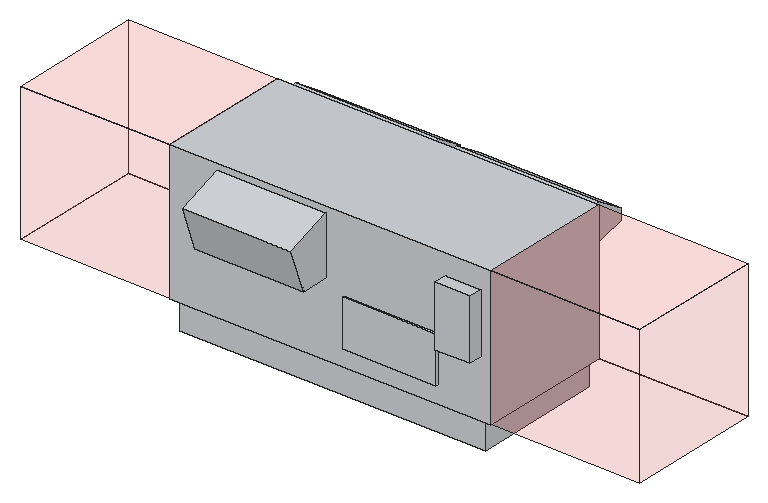
Revit family
Parameters (values of type "575 V Three Phase")
  Weight Scheduled [instance] = 2765  # constant formula
  Voltage Workaround = Voltage / 1 V  # 575
  Voltage Scheduled = Voltage  # 575 V
  Voltage = 575 V
  VoltAmps Workaround [instance] = Voltage Workaround * Total FLA * sqrt(Phase)  # 0
  VoltAmps [instance] = VoltAmps Workaround * 1 VA  # 0 VA
  VFD [instance] = yes
  URL = "http://www.renewaire.com/products/commercial-products/outdoor-models/le8xrt"
  Total FLA [instance] = if(or(Supply Motor FLA = 0, Exhaust Motor FLA = 0), 0, (Supply Motor FLA * Supply Motor Count) + (Exhaust Motor FLA * Exhaust Motor Count))  # 0
  Supply Motor RPM Scheduled [instance] = Supply Motor RPM  # 0
  Supply Motor RPM [instance] = if(and(or(Supply ESP = 0, Supply ESP > 0), Supply ESP < 0.25), if(Supply Motor HP = 3, if(Supply CFM > 6890 CFM, 0, if(Supply CFM > 6460 CFM, 837, if(Supply CFM > 6030 CFM, 796, if(Supply CFM > 5590 CFM, 755, if(Supply CFM > 5140 CFM, 714, if(Supply CFM > 4670 CFM, 673, 632)))))), if(Supply Motor HP = 5, if(Supply CFM > 8430 CFM, 0, if(Supply CFM > 7970 CFM, 982, if(Supply CFM > 7530 CFM, 940, if(Supply CFM > 7090 CFM, 898, if(Supply CFM > 6890 CFM, 857, if(Supply CFM > 6220 CFM, 815, 773)))))), if(Supply Motor HP = 7.5, if(Supply CFM > 8800 CFM, 0, if(Supply CFM > 8630 CFM, 1041, 1000)), 0))), if(and(or(Supply ESP = 0.25, Supply ESP > 0.25), Supply ESP < 0.5), if(Supply Motor HP = 3, if(Supply CFM > 6010 CFM, 0, if(Supply CFM > 5520 CFM, 837, if(Supply CFM > 5020 CFM, 796, if(Supply CFM > 4500 CFM, 755, if(Supply CFM > 3960 CFM, 714, if(Supply CFM > 3390 CFM, 673, 632)))))), if(Supply Motor HP = 5, if(Supply CFM > 7730 CFM, 0, if(Supply CFM > 7230 CFM, 982, if(Supply CFM > 6740 CFM, 940, if(Supply CFM > 6250 CFM, 898, if(Supply CFM > 6010 CFM, 857, if(Supply CFM > 5240 CFM, 815, 773)))))), if(Supply Motor HP = 7.5, if(Supply CFM > 8800 CFM, 0, if(Supply CFM > 8450 CFM, 1082, if(Supply CFM > 7950 CFM, 1041, 1000))), 0))), if(and(or(Supply ESP = 0.5, Supply ESP > 0.5), Supply ESP < 0.75), if(Supply Motor HP = 3, if(Supply CFM > 5040 CFM, 0, if(Supply CFM > 4470 CFM, 837, if(Supply CFM > 3880 CFM, 796, if(Supply CFM > 3260 CFM, 755, if(Supply CFM > 2620 CFM, 714, 673))))), if(Supply Motor HP = 5, if(Supply CFM > 6980 CFM, 0, if(Supply CFM > 6420 CFM, 982, if(Supply CFM > 5870 CFM, 940, if(Supply CFM > 5310 CFM, 898, if(Supply CFM > 5040 CFM, 857, if(Supply CFM > 4140 CFM, 815, 773)))))), if(Supply Motor HP = 7.5, if(Supply CFM > 8800 CFM, 0, if(Supply CFM > 8310 CFM, 1122, if(Supply CFM > 7760 CFM, 1082, if(Supply CFM > 7210 CFM, 1041, 1000)))), 0))), if(and(or(Supply ESP = 0.75, Supply ESP > 0.75), Supply ESP < 1), if(Supply Motor HP = 3, if(Supply CFM > 3920 CFM, 0, if(Supply CFM > 3250 CFM, 837, if(Supply CFM > 2540 CFM, 796, 755))), if(Supply Motor HP = 5, if(Supply CFM > 6140 CFM, 0, if(Supply CFM > 5520 CFM, 982, if(Supply CFM > 4880 CFM, 940, if(Supply CFM > 4240 CFM, 898, if(Supply CFM > 3920 CFM, 857, if(Supply CFM > 2850 CFM, 815, 773)))))), if(Supply Motor HP = 7.5, if(Supply CFM > 8500 CFM, 0, if(Supply CFM > 8190 CFM, 1163, if(Supply CFM > 7600 CFM, 1122, if(Supply CFM > 7000 CFM, 1082, if(Supply CFM > 6400 CFM, 1041, 1000))))), 0))), if(and(or(Supply ESP = 1, Supply ESP > 1), Supply ESP < 1.25), if(Supply Motor HP = 3, if(Supply CFM > 2570 CFM, 837, 0), if(Supply Motor HP = 5, if(Supply CFM > 5180 CFM, 0, if(Supply CFM > 4470 CFM, 982, if(Supply CFM > 3730 CFM, 940, if(Supply CFM > 2960 CFM, 898, if(Supply CFM > 2570 CFM, 857, if(Supply CFM > 1240 CFM, 815, 773)))))), if(Supply Motor HP = 7.5, if(Supply CFM > 8120 CFM, 0, if(Supply CFM > 7460 CFM, 1163, if(Supply CFM > 6820 CFM, 1122, if(Supply CFM > 6160 CFM, 1082, if(Supply CFM > 5480 CFM, 1041, 1000))))), 0))), if(and(or(Supply ESP = 1.25, Supply ESP > 1.25), Supply ESP < 1.5), if(Supply Motor HP = 5, if(Supply CFM > 4050 CFM, 0, if(Supply CFM > 3180 CFM, 982, if(Supply CFM > 2250 CFM, 940, 898))), if(Supply Motor HP = 7.5, if(Supply CFM > 7370 CFM, 0, if(Supply CFM > 6640 CFM, 1163, if(Supply CFM > 5930 CFM, 1122, if(Supply CFM > 5180 CFM, 1082, if(Supply CFM > 4400 CFM, 1041, 1000))))), 0)), if(and(or(Supply ESP = 1.5, Supply ESP > 1.5), Supply ESP < 1.75), if(Supply Motor HP = 5, if(Supply CFM > 2550 CFM, 982, 0), if(Supply Motor HP = 7.5, if(Supply CFM > 7310 CFM, 0, if(Supply CFM > 6510 CFM, 1204, if(Supply CFM > 5700 CFM, 1163, if(Supply CFM > 4880 CFM, 1122, if(Supply CFM > 3980 CFM, 1082, if(Supply CFM > 3010 CFM, 1041, 1000)))))), 0)), if(and(or(Supply ESP = 1.75, Supply ESP > 1.75), Supply ESP < 2), if(Supply Motor HP = 7.5, if(Supply CFM > 6420 CFM, 0, if(Supply CFM > 5500 CFM, 1204, if(Supply CFM > 4540 CFM, 1163, if(Supply CFM > 3510 CFM, 1122, if(Supply CFM > 2270 CFM, 1082, 1041))))), 0), if(Supply ESP = 2, if(Supply Motor HP = 7.5, if(Supply CFM > 5320 CFM, 0, if(Supply CFM > 4200 CFM, 1204, if(Supply CFM > 2870 CFM, 1163, 1122))), 0), 0)))))))))  # 0
  Supply Motor HP Scheduled [instance] = Supply Motor HP  # 0
  Supply Motor HP [instance] = 0
  Supply Motor FLA [instance] = if(VFD, if(Supply Motor BHP = 0, 0, if(Supply Motor HP = 3, if(and(or(Voltage = 208 V, Voltage = 230 V), Phase = 1), 9.38, if(and(or(Voltage = 208 V, Voltage = 230 V), Phase = 3), 9.38, if(and(Voltage = 460 V, Phase = 3), 4.24, if(and(Voltage = 575 V, Phase = 3), 3.3, 0)))), if(Supply Motor HP = 5, if(and(or(Voltage = 208 V, Voltage = 230 V), Phase = 3), 14.5, if(and(Voltage = 460 V, Phase = 3), 6.7, if(and(Voltage = 575 V, Phase = 3), 5.3, 0))), if(Supply Motor HP = 7.5, if(and(or(Voltage = 208 V, Voltage = 230 V), Phase = 3), 21, if(and(Voltage = 460 V, Phase = 3), 9.4, if(and(Voltage = 575 V, Phase = 3), 7.6, 0))), 0)))), if(Supply Motor BHP = 0, 0, if(Supply Motor HP = 3, if(and(or(Voltage = 208 V, Voltage = 230 V), Phase = 1), 14.7, if(and(or(Voltage = 208 V, Voltage = 230 V), Phase = 3), 9.38, if(and(Voltage = 460 V, Phase = 3), 4.24, if(and(Voltage = 575 V, Phase = 3), 3.3, 0)))), if(Supply Motor HP = 5, if(and(or(Voltage = 208 V, Voltage = 230 V), Phase = 3), 14.5, if(and(Voltage = 460 V, Phase = 3), 6.7, if(and(Voltage = 575 V, Phase = 3), 5.3, 0))), if(Supply Motor HP = 7.5, if(and(or(Voltage = 208 V, Voltage = 230 V), Phase = 3), 21, if(and(Voltage = 460 V, Phase = 3), 9.4, if(and(Voltage = 575 V, Phase = 3), 7.6, 0))), 0)))))  # 0
  Supply Motor Count Scheduled [instance] = Supply Motor Count  # 1
  Supply Motor Count [instance] = 1  # constant formula
  Supply Motor BHP [instance] = if(and(or(Supply ESP = 0, Supply ESP > 0), Supply ESP < 0.25), if(Supply Motor HP = 3, if(Supply CFM > 6890 CFM, 0, if(Supply CFM > 6460 CFM, 3.2, if(Supply CFM > 6030 CFM, 2.8, if(Supply CFM > 5590 CFM, 2.4, if(Supply CFM > 5140 CFM, 2.1, if(Supply CFM > 4670 CFM, 1.8, 1.6)))))), if(Supply Motor HP = 5, if(Supply CFM > 8430 CFM, 0, if(Supply CFM > 7970 CFM, 5.3, if(Supply CFM > 7530 CFM, 4.6, if(Supply CFM > 7090 CFM, 4, if(Supply CFM > 6890 CFM, 3.4, if(Supply CFM > 6220 CFM, 3.2, 2.5)))))), if(Supply Motor HP = 7.5, if(Supply CFM > 8800 CFM, 0, if(Supply CFM > 8630 CFM, 6.2, 5.6)), 0))), if(and(or(Supply ESP = 0.25, Supply ESP > 0.25), Supply ESP < 0.5), if(Supply Motor HP = 3, if(Supply CFM > 6010 CFM, 0, if(Supply CFM > 5520 CFM, 2.9, if(Supply CFM > 5020 CFM, 2.5, if(Supply CFM > 4500 CFM, 2.1, if(Supply CFM > 3960 CFM, 1.8, if(Supply CFM > 3390 CFM, 1.6, 1.5)))))), if(Supply Motor HP = 5, if(Supply CFM > 7730 CFM, 0, if(Supply CFM > 7230 CFM, 4.9, if(Supply CFM > 6740 CFM, 4.3, if(Supply CFM > 6250 CFM, 3.6, if(Supply CFM > 6010 CFM, 3.1, if(Supply CFM > 5240 CFM, 2.9, 2.2)))))), if(Supply Motor HP = 7.5, if(Supply CFM > 8800 CFM, 0, if(Supply CFM > 8450 CFM, 6.8, if(Supply CFM > 7950 CFM, 6, 5.2))), 0))), if(and(or(Supply ESP = 0.5, Supply ESP > 0.5), Supply ESP < 0.75), if(Supply Motor HP = 3, if(Supply CFM > 5040 CFM, 0, if(Supply CFM > 4470 CFM, 2.5, if(Supply CFM > 3880 CFM, 2.1, if(Supply CFM > 3260 CFM, 1.8, if(Supply CFM > 2620 CFM, 1.5, 1.4))))), if(Supply Motor HP = 5, if(Supply CFM > 6980 CFM, 0, if(Supply CFM > 6420 CFM, 4.5, if(Supply CFM > 5870 CFM, 3.9, if(Supply CFM > 5310 CFM, 3.3, if(Supply CFM > 5040 CFM, 2.8, if(Supply CFM > 4140 CFM, 2.5, 1.9)))))), if(Supply Motor HP = 7.5, if(Supply CFM > 8800 CFM, 0, if(Supply CFM > 8310 CFM, 7.2, if(Supply CFM > 7760 CFM, 6.4, if(Supply CFM > 7210 CFM, 5.6, 4.8)))), 0))), if(and(or(Supply ESP = 0.75, Supply ESP > 0.75), Supply ESP < 1), if(Supply Motor HP = 3, if(Supply CFM > 3920 CFM, 0, if(Supply CFM > 3250 CFM, 2.1, if(Supply CFM > 2540 CFM, 1.7, 1.4))), if(Supply Motor HP = 5, if(Supply CFM > 6140 CFM, 0, if(Supply CFM > 5520 CFM, 4.1, if(Supply CFM > 4880 CFM, 3.5, if(Supply CFM > 4240 CFM, 2.9, if(Supply CFM > 3920 CFM, 2.4, if(Supply CFM > 2850 CFM, 2.1, 1.6)))))), if(Supply Motor HP = 7.5, if(Supply CFM > 8500 CFM, 0, if(Supply CFM > 8190 CFM, 7.5, if(Supply CFM > 7600 CFM, 6.8, if(Supply CFM > 7000 CFM, 6, if(Supply CFM > 6400 CFM, 5.2, 4.4))))), 0))), if(and(or(Supply ESP = 1, Supply ESP > 1), Supply ESP < 1.25), if(Supply Motor HP = 3, if(Supply CFM > 2570 CFM, 1.6, 0), if(Supply Motor HP = 5, if(Supply CFM > 5180 CFM, 0, if(Supply CFM > 4470 CFM, 3.6, if(Supply CFM > 3730 CFM, 3, if(Supply CFM > 2960 CFM, 2.4, if(Supply CFM > 2570 CFM, 1.9, if(Supply CFM > 1240 CFM, 1.6, 1.1)))))), if(Supply Motor HP = 7.5, if(Supply CFM > 8120 CFM, 0, if(Supply CFM > 7460 CFM, 7.3, if(Supply CFM > 6820 CFM, 6.4, if(Supply CFM > 6160 CFM, 5.5, if(Supply CFM > 5480 CFM, 4.7, 3.9))))), 0))), if(and(or(Supply ESP = 1.25, Supply ESP > 1.25), Supply ESP < 1.5), if(Supply Motor HP = 5, if(Supply CFM > 4050 CFM, 0, if(Supply CFM > 3180 CFM, 3.1, if(Supply CFM > 2250 CFM, 2.4, 1.7))), if(Supply Motor HP = 7.5, if(Supply CFM > 7370 CFM, 0, if(Supply CFM > 6640 CFM, 6.8, if(Supply CFM > 5930 CFM, 5.9, if(Supply CFM > 5180 CFM, 5, if(Supply CFM > 4400 CFM, 4.2, 3.4))))), 0)), if(and(or(Supply ESP = 1.5, Supply ESP > 1.5), Supply ESP < 1.75), if(Supply Motor HP = 5, if(Supply CFM > 2550 CFM, 2.3, 0), if(Supply Motor HP = 7.5, if(Supply CFM > 7310 CFM, 0, if(Supply CFM > 6510 CFM, 7.3, if(Supply CFM > 5700 CFM, 6.3, if(Supply CFM > 4880 CFM, 5.3, if(Supply CFM > 3980 CFM, 4.4, if(Supply CFM > 3010 CFM, 3.5, 2.7)))))), 0)), if(and(or(Supply ESP = 1.75, Supply ESP > 1.75), Supply ESP < 2), if(Supply Motor HP = 7.5, if(Supply CFM > 6420 CFM, 0, if(Supply CFM > 5500 CFM, 6.7, if(Supply CFM > 4540 CFM, 5.6, if(Supply CFM > 3510 CFM, 4.6, if(Supply CFM > 2270 CFM, 3.6, 2.6))))), 0), if(Supply ESP = 2, if(Supply Motor HP = 7.5, if(Supply CFM > 5320 CFM, 0, if(Supply CFM > 4200 CFM, 6, if(Supply CFM > 2870 CFM, 4.8, 3.6))), 0), 0)))))))))  # 0
  Supply ESP Scheduled [instance] = Supply ESP  # 0
  Supply ESP [instance] = 0
  Supply CFM Scheduled [instance] = Supply CFM  # 0 CFM
  Supply CFM [instance] = 0 CFM
  Supply Air Winter RH Scheduled [instance] = 0
  Supply Air Winter DB Scheduled [instance] = 0
  Supply Air Summer RH Scheduled [instance] = 0
  Supply Air Summer DB Scheduled [instance] = 0
  Phase Scheduled = Phase  # 3
  Phase = 3
  Outside Air Winter RH Scheduled [instance] = 0
  Outside Air Winter DB Scheduled [instance] = 0
  Outside Air Summer RH Scheduled [instance] = 0
  Outside Air Summer DB Scheduled [instance] = 0
  Number of Poles = 3
  Model = "LE8XRTH"
  Manufacturer = "RenewAire"
  MOCP Scheduled [instance] = MOCP  # 0
  MOCP [instance] = if(Total FLA = 0, 0, if(VFD, if(and(or(Voltage = 208 V, Voltage = 230 V), Phase = 1), if(and(Supply Motor HP = 3, Exhaust Motor HP = 3), 45, 0), if(and(or(Voltage = 208 V, Voltage = 230 V), Phase = 3), if(and(Supply Motor HP = 3, Exhaust Motor HP = 3), 25, if(and(Supply Motor HP = 3, Exhaust Motor HP = 5), 40, if(and(Supply Motor HP = 3, Exhaust Motor HP = 7.5), 50, if(and(Supply Motor HP = 5, Exhaust Motor HP = 3), 40, if(and(Supply Motor HP = 5, Exhaust Motor HP = 5), 45, if(and(Supply Motor HP = 5, Exhaust Motor HP = 7.5), 60, if(and(Supply Motor HP = 7.5, Exhaust Motor HP = 3), 50, if(and(Supply Motor HP = 7.5, Exhaust Motor HP = 5), 60, if(and(Supply Motor HP = 7.5, Exhaust Motor HP = 7.5), 60, 0))))))))), if(and(Voltage = 460 V, Phase = 3), if(and(Supply Motor HP = 3, Exhaust Motor HP = 3), 15, if(and(Supply Motor HP = 3, Exhaust Motor HP = 5), 15, if(and(Supply Motor HP = 3, Exhaust Motor HP = 7.5), 20, if(and(Supply Motor HP = 5, Exhaust Motor HP = 3), 15, if(and(Supply Motor HP = 5, Exhaust Motor HP = 5), 20, if(and(Supply Motor HP = 5, Exhaust Motor HP = 7.5), 25, if(and(Supply Motor HP = 7.5, Exhaust Motor HP = 3), 20, if(and(Supply Motor HP = 7.5, Exhaust Motor HP = 5), 25, if(and(Supply Motor HP = 7.5, Exhaust Motor HP = 7.5), 30, 0))))))))), if(and(Voltage = 575 V, Phase = 3), if(and(Supply Motor HP = 3, Exhaust Motor HP = 3), 15, if(and(Supply Motor HP = 3, Exhaust Motor HP = 5), 15, if(and(Supply Motor HP = 3, Exhaust Motor HP = 7.5), 20, if(and(Supply Motor HP = 5, Exhaust Motor HP = 3), 15, if(and(Supply Motor HP = 5, Exhaust Motor HP = 5), 15, if(and(Supply Motor HP = 5, Exhaust Motor HP = 7.5), 20, if(and(Supply Motor HP = 7.5, Exhaust Motor HP = 3), 20, if(and(Supply Motor HP = 7.5, Exhaust Motor HP = 5), 20, if(and(Supply Motor HP = 7.5, Exhaust Motor HP = 7.5), 20, 0))))))))), 0)))), if(and(or(Voltage = 208 V, Voltage = 230 V), Phase = 1), if(and(Supply Motor HP = 3, Exhaust Motor HP = 3), 40, 0), if(and(or(Voltage = 208 V, Voltage = 230 V), Phase = 3), if(and(Supply Motor HP = 3, Exhaust Motor HP = 3), 25, if(and(Supply Motor HP = 3, Exhaust Motor HP = 5), 40, if(and(Supply Motor HP = 3, Exhaust Motor HP = 7.5), 50, if(and(Supply Motor HP = 5, Exhaust Motor HP = 3), 40, if(and(Supply Motor HP = 5, Exhaust Motor HP = 5), 45, if(and(Supply Motor HP = 5, Exhaust Motor HP = 7.5), 60, if(and(Supply Motor HP = 7.5, Exhaust Motor HP = 3), 50, if(and(Supply Motor HP = 7.5, Exhaust Motor HP = 5), 60, if(and(Supply Motor HP = 7.5, Exhaust Motor HP = 7.5), 60, 0))))))))), if(and(Voltage = 460 V, Phase = 3), if(and(Supply Motor HP = 3, Exhaust Motor HP = 3), 15, if(and(Supply Motor HP = 3, Exhaust Motor HP = 5), 15, if(and(Supply Motor HP = 3, Exhaust Motor HP = 7.5), 20, if(and(Supply Motor HP = 5, Exhaust Motor HP = 3), 15, if(and(Supply Motor HP = 5, Exhaust Motor HP = 5), 20, if(and(Supply Motor HP = 5, Exhaust Motor HP = 7.5), 25, if(and(Supply Motor HP = 7.5, Exhaust Motor HP = 3), 20, if(and(Supply Motor HP = 7.5, Exhaust Motor HP = 5), 25, if(and(Supply Motor HP = 7.5, Exhaust Motor HP = 7.5), 30, 0))))))))), if(and(Voltage = 575 V, Phase = 3), if(and(Supply Motor HP = 3, Exhaust Motor HP = 3), 15, if(and(Supply Motor HP = 3, Exhaust Motor HP = 5), 15, if(and(Supply Motor HP = 3, Exhaust Motor HP = 7.5), 20, if(and(Supply Motor HP = 5, Exhaust Motor HP = 3), 15, if(and(Supply Motor HP = 5, Exhaust Motor HP = 5), 15, if(and(Supply Motor HP = 5, Exhaust Motor HP = 7.5), 20, if(and(Supply Motor HP = 7.5, Exhaust Motor HP = 3), 20, if(and(Supply Motor HP = 7.5, Exhaust Motor HP = 5), 20, if(and(Supply Motor HP = 7.5, Exhaust Motor HP = 7.5), 20, 0))))))))), 0))))))  # 0
  MCA Scheduled [instance] = MCA  # 0
  MCA [instance] = if(Total FLA = 0, 0, if(VFD, if(and(or(Voltage = 208 V, Voltage = 230 V), Phase = 1), if(and(Supply Motor HP = 3, Exhaust Motor HP = 3), 40.2, 0), if(and(or(Voltage = 208 V, Voltage = 230 V), Phase = 3), if(and(Supply Motor HP = 3, Exhaust Motor HP = 3), 23.2, if(and(Supply Motor HP = 3, Exhaust Motor HP = 5), 30.3, if(and(Supply Motor HP = 3, Exhaust Motor HP = 7.5), 36.2, if(and(Supply Motor HP = 5, Exhaust Motor HP = 3), 30.3, if(and(Supply Motor HP = 5, Exhaust Motor HP = 5), 35.9, if(and(Supply Motor HP = 5, Exhaust Motor HP = 7.5), 44.8, if(and(Supply Motor HP = 7.5, Exhaust Motor HP = 3), 39.2, if(and(Supply Motor HP = 7.5, Exhaust Motor HP = 5), 44.8, if(and(Supply Motor HP = 7.5, Exhaust Motor HP = 7.5), 52, 0))))))))), if(and(Voltage = 460 V, Phase = 3), if(and(Supply Motor HP = 3, Exhaust Motor HP = 3), 10.5, if(and(Supply Motor HP = 3, Exhaust Motor HP = 5), 13.9, if(and(Supply Motor HP = 3, Exhaust Motor HP = 7.5), 17.6, if(and(Supply Motor HP = 5, Exhaust Motor HP = 3), 13.9, if(and(Supply Motor HP = 5, Exhaust Motor HP = 5), 16.6, if(and(Supply Motor HP = 5, Exhaust Motor HP = 7.5), 20.3, if(and(Supply Motor HP = 7.5, Exhaust Motor HP = 3), 17.6, if(and(Supply Motor HP = 7.5, Exhaust Motor HP = 5), 20.3, if(and(Supply Motor HP = 7.5, Exhaust Motor HP = 7.5), 23.3, 0))))))))), if(and(Voltage = 575 V, Phase = 3), if(and(Supply Motor HP = 3, Exhaust Motor HP = 3), 8.2, if(and(Supply Motor HP = 3, Exhaust Motor HP = 5), 10.9, if(and(Supply Motor HP = 3, Exhaust Motor HP = 7.5), 14.1, if(and(Supply Motor HP = 5, Exhaust Motor HP = 3), 10.9, if(and(Supply Motor HP = 5, Exhaust Motor HP = 5), 13.1, if(and(Supply Motor HP = 5, Exhaust Motor HP = 7.5), 16.3, if(and(Supply Motor HP = 7.5, Exhaust Motor HP = 3), 14.1, if(and(Supply Motor HP = 7.5, Exhaust Motor HP = 5), 16.3, if(and(Supply Motor HP = 7.5, Exhaust Motor HP = 7.5), 18.8, 0))))))))), 0)))), if(and(or(Voltage = 208 V, Voltage = 230 V), Phase = 1), if(and(Supply Motor HP = 3, Exhaust Motor HP = 3), 33.1, 0), if(and(or(Voltage = 208 V, Voltage = 230 V), Phase = 3), if(and(Supply Motor HP = 3, Exhaust Motor HP = 3), 21.1, if(and(Supply Motor HP = 3, Exhaust Motor HP = 5), 27.5, if(and(Supply Motor HP = 3, Exhaust Motor HP = 7.5), 35.6, if(and(Supply Motor HP = 5, Exhaust Motor HP = 3), 27.5, if(and(Supply Motor HP = 5, Exhaust Motor HP = 5), 32.6, if(and(Supply Motor HP = 5, Exhaust Motor HP = 7.5), 40.8, if(and(Supply Motor HP = 7.5, Exhaust Motor HP = 3), 35.6, if(and(Supply Motor HP = 7.5, Exhaust Motor HP = 5), 40.8, if(and(Supply Motor HP = 7.5, Exhaust Motor HP = 7.5), 47.3, 0))))))))), if(and(Voltage = 460 V, Phase = 3), if(and(Supply Motor HP = 3, Exhaust Motor HP = 3), 9.5, if(and(Supply Motor HP = 3, Exhaust Motor HP = 5), 12.6, if(and(Supply Motor HP = 3, Exhaust Motor HP = 7.5), 16, if(and(Supply Motor HP = 5, Exhaust Motor HP = 3), 12.6, if(and(Supply Motor HP = 5, Exhaust Motor HP = 5), 15.1, if(and(Supply Motor HP = 5, Exhaust Motor HP = 7.5), 18.5, if(and(Supply Motor HP = 7.5, Exhaust Motor HP = 3), 16, if(and(Supply Motor HP = 7.5, Exhaust Motor HP = 5), 18.5, if(and(Supply Motor HP = 7.5, Exhaust Motor HP = 7.5), 21.2, 0))))))))), if(and(Voltage = 575 V, Phase = 3), if(and(Supply Motor HP = 3, Exhaust Motor HP = 3), 7.4, if(and(Supply Motor HP = 3, Exhaust Motor HP = 5), 9.9, if(and(Supply Motor HP = 3, Exhaust Motor HP = 7.5), 12.8, if(and(Supply Motor HP = 5, Exhaust Motor HP = 3), 9.9, if(and(Supply Motor HP = 5, Exhaust Motor HP = 5), 11.9, if(and(Supply Motor HP = 5, Exhaust Motor HP = 7.5), 14.8, if(and(Supply Motor HP = 7.5, Exhaust Motor HP = 3), 12.8, if(and(Supply Motor HP = 7.5, Exhaust Motor HP = 5), 14.8, if(and(Supply Motor HP = 7.5, Exhaust Motor HP = 7.5), 17.1, 0))))))))), 0))))))  # 0
  FLA Scheduled [instance] = Total FLA  # 0
  Exhaust RH Scheduled [instance] = 0
  Exhaust Motor RPM Scheduled [instance] = Exhaust Motor RPM  # 0
  Exhaust Motor RPM [instance] = if(and(or(Exhaust ESP = 0, Exhaust ESP > 0), Exhaust ESP < 0.25), if(Exhaust Motor HP = 3, if(Exhaust CFM > 6890 CFM, 0, if(Exhaust CFM > 6460 CFM, 837, if(Exhaust CFM > 6030 CFM, 796, if(Exhaust CFM > 5590 CFM, 755, if(Exhaust CFM > 5140 CFM, 714, if(Exhaust CFM > 4670 CFM, 673, 632)))))), if(Exhaust Motor HP = 5, if(Exhaust CFM > 8430 CFM, 0, if(Exhaust CFM > 7970 CFM, 982, if(Exhaust CFM > 7530 CFM, 940, if(Exhaust CFM > 7090 CFM, 898, if(Exhaust CFM > 6890 CFM, 857, if(Exhaust CFM > 6220 CFM, 815, 773)))))), if(Exhaust Motor HP = 7.5, if(Exhaust CFM > 8800 CFM, 0, if(Exhaust CFM > 8630 CFM, 1041, 1000)), 0))), if(and(or(Exhaust ESP = 0.25, Exhaust ESP > 0.25), Exhaust ESP < 0.5), if(Exhaust Motor HP = 3, if(Exhaust CFM > 6010 CFM, 0, if(Exhaust CFM > 5520 CFM, 837, if(Exhaust CFM > 5020 CFM, 796, if(Exhaust CFM > 4500 CFM, 755, if(Exhaust CFM > 3960 CFM, 714, if(Exhaust CFM > 3390 CFM, 673, 632)))))), if(Exhaust Motor HP = 5, if(Exhaust CFM > 7730 CFM, 0, if(Exhaust CFM > 7230 CFM, 982, if(Exhaust CFM > 6740 CFM, 940, if(Exhaust CFM > 6250 CFM, 898, if(Exhaust CFM > 6010 CFM, 857, if(Exhaust CFM > 5240 CFM, 815, 773)))))), if(Exhaust Motor HP = 7.5, if(Exhaust CFM > 8800 CFM, 0, if(Exhaust CFM > 8450 CFM, 1082, if(Exhaust CFM > 7950 CFM, 1041, 1000))), 0))), if(and(or(Exhaust ESP = 0.5, Exhaust ESP > 0.5), Exhaust ESP < 0.75), if(Exhaust Motor HP = 3, if(Exhaust CFM > 5040 CFM, 0, if(Exhaust CFM > 4470 CFM, 837, if(Exhaust CFM > 3880 CFM, 796, if(Exhaust CFM > 3260 CFM, 755, if(Exhaust CFM > 2620 CFM, 714, 673))))), if(Exhaust Motor HP = 5, if(Exhaust CFM > 6980 CFM, 0, if(Exhaust CFM > 6420 CFM, 982, if(Exhaust CFM > 5870 CFM, 940, if(Exhaust CFM > 5310 CFM, 898, if(Exhaust CFM > 5040 CFM, 857, if(Exhaust CFM > 4140 CFM, 815, 773)))))), if(Exhaust Motor HP = 7.5, if(Exhaust CFM > 8800 CFM, 0, if(Exhaust CFM > 8310 CFM, 1122, if(Exhaust CFM > 7760 CFM, 1082, if(Exhaust CFM > 7210 CFM, 1041, 1000)))), 0))), if(and(or(Exhaust ESP = 0.75, Exhaust ESP > 0.75), Exhaust ESP < 1), if(Exhaust Motor HP = 3, if(Exhaust CFM > 3920 CFM, 0, if(Exhaust CFM > 3250 CFM, 837, if(Exhaust CFM > 2540 CFM, 796, 755))), if(Exhaust Motor HP = 5, if(Exhaust CFM > 6140 CFM, 0, if(Exhaust CFM > 5520 CFM, 982, if(Exhaust CFM > 4880 CFM, 940, if(Exhaust CFM > 4240 CFM, 898, if(Exhaust CFM > 3920 CFM, 857, if(Exhaust CFM > 2850 CFM, 815, 773)))))), if(Exhaust Motor HP = 7.5, if(Exhaust CFM > 8500 CFM, 0, if(Exhaust CFM > 8190 CFM, 1163, if(Exhaust CFM > 7600 CFM, 1122, if(Exhaust CFM > 7000 CFM, 1082, if(Exhaust CFM > 6400 CFM, 1041, 1000))))), 0))), if(and(or(Exhaust ESP = 1, Exhaust ESP > 1), Exhaust ESP < 1.25), if(Exhaust Motor HP = 3, if(Exhaust CFM > 2570 CFM, 837, 0), if(Exhaust Motor HP = 5, if(Exhaust CFM > 5180 CFM, 0, if(Exhaust CFM > 4470 CFM, 982, if(Exhaust CFM > 3730 CFM, 940, if(Exhaust CFM > 2960 CFM, 898, if(Exhaust CFM > 2570 CFM, 857, if(Exhaust CFM > 1240 CFM, 815, 773)))))), if(Exhaust Motor HP = 7.5, if(Exhaust CFM > 8120 CFM, 0, if(Exhaust CFM > 7460 CFM, 1163, if(Exhaust CFM > 6820 CFM, 1122, if(Exhaust CFM > 6160 CFM, 1082, if(Exhaust CFM > 5480 CFM, 1041, 1000))))), 0))), if(and(or(Exhaust ESP = 1.25, Exhaust ESP > 1.25), Exhaust ESP < 1.5), if(Exhaust Motor HP = 5, if(Exhaust CFM > 4050 CFM, 0, if(Exhaust CFM > 3180 CFM, 982, if(Exhaust CFM > 2250 CFM, 940, 898))), if(Exhaust Motor HP = 7.5, if(Exhaust CFM > 7370 CFM, 0, if(Exhaust CFM > 6640 CFM, 1163, if(Exhaust CFM > 5930 CFM, 1122, if(Exhaust CFM > 5180 CFM, 1082, if(Exhaust CFM > 4400 CFM, 1041, 1000))))), 0)), if(and(or(Exhaust ESP = 1.5, Exhaust ESP > 1.5), Exhaust ESP < 1.75), if(Exhaust Motor HP = 5, if(Exhaust CFM > 2550 CFM, 982, 0), if(Exhaust Motor HP = 7.5, if(Exhaust CFM > 7310 CFM, 0, if(Exhaust CFM > 6510 CFM, 1204, if(Exhaust CFM > 5700 CFM, 1163, if(Exhaust CFM > 4880 CFM, 1122, if(Exhaust CFM > 3980 CFM, 1082, if(Exhaust CFM > 3010 CFM, 1041, 1000)))))), 0)), if(and(or(Exhaust ESP = 1.75, Exhaust ESP > 1.75), Exhaust ESP < 2), if(Exhaust Motor HP = 7.5, if(Exhaust CFM > 6420 CFM, 0, if(Exhaust CFM > 5500 CFM, 1204, if(Exhaust CFM > 4540 CFM, 1163, if(Exhaust CFM > 3510 CFM, 1122, if(Exhaust CFM > 2270 CFM, 1082, 1041))))), 0), if(Exhaust ESP = 2, if(Exhaust Motor HP = 7.5, if(Exhaust CFM > 5320 CFM, 0, if(Exhaust CFM > 4200 CFM, 1204, if(Exhaust CFM > 2870 CFM, 1163, 1122))), 0), 0)))))))))  # 0
  Exhaust Motor HP Scheduled [instance] = Exhaust Motor HP  # 0
  Exhaust Motor HP [instance] = 0
  Exhaust Motor FLA [instance] = if(VFD, if(Exhaust Motor BHP = 0, 0, if(Exhaust Motor HP = 3, if(and(or(Voltage = 208 V, Voltage = 230 V), Phase = 1), 9.38, if(and(or(Voltage = 208 V, Voltage = 230 V), Phase = 3), 9.38, if(and(Voltage = 460 V, Phase = 3), 4.24, if(and(Voltage = 575 V, Phase = 3), 3.3, 0)))), if(Exhaust Motor HP = 5, if(and(or(Voltage = 208 V, Voltage = 230 V), Phase = 3), 14.5, if(and(Voltage = 460 V, Phase = 3), 6.7, if(and(Voltage = 575 V, Phase = 3), 5.3, 0))), if(Exhaust Motor HP = 7.5, if(and(or(Voltage = 208 V, Voltage = 230 V), Phase = 3), 21, if(and(Voltage = 460 V, Phase = 3), 9.4, if(and(Voltage = 575 V, Phase = 3), 7.6, 0))), 0)))), if(Exhaust Motor BHP = 0, 0, if(Exhaust Motor HP = 3, if(and(or(Voltage = 208 V, Voltage = 230 V), Phase = 1), 14.7, if(and(or(Voltage = 208 V, Voltage = 230 V), Phase = 3), 9.38, if(and(Voltage = 460 V, Phase = 3), 4.24, if(and(Voltage = 575 V, Phase = 3), 3.3, 0)))), if(Exhaust Motor HP = 5, if(and(or(Voltage = 208 V, Voltage = 230 V), Phase = 3), 14.5, if(and(Voltage = 460 V, Phase = 3), 6.7, if(and(Voltage = 575 V, Phase = 3), 5.3, 0))), if(Exhaust Motor HP = 7.5, if(and(or(Voltage = 208 V, Voltage = 230 V), Phase = 3), 21, if(and(Voltage = 460 V, Phase = 3), 9.4, if(and(Voltage = 575 V, Phase = 3), 7.6, 0))), 0)))))  # 0
  Exhaust Motor Count Scheduled [instance] = Exhaust Motor Count  # 1
  Exhaust Motor Count [instance] = 1  # constant formula
  Exhaust Motor BHP [instance] = if(and(or(Exhaust ESP = 0, Exhaust ESP > 0), Exhaust ESP < 0.25), if(Exhaust Motor HP = 3, if(Exhaust CFM > 6890 CFM, 0, if(Exhaust CFM > 6460 CFM, 3.2, if(Exhaust CFM > 6030 CFM, 2.8, if(Exhaust CFM > 5590 CFM, 2.4, if(Exhaust CFM > 5140 CFM, 2.1, if(Exhaust CFM > 4670 CFM, 1.8, 1.6)))))), if(Exhaust Motor HP = 5, if(Exhaust CFM > 8430 CFM, 0, if(Exhaust CFM > 7970 CFM, 5.3, if(Exhaust CFM > 7530 CFM, 4.6, if(Exhaust CFM > 7090 CFM, 4, if(Exhaust CFM > 6890 CFM, 3.4, if(Exhaust CFM > 6220 CFM, 3.2, 2.5)))))), if(Exhaust Motor HP = 7.5, if(Exhaust CFM > 8800 CFM, 0, if(Exhaust CFM > 8630 CFM, 6.2, 5.6)), 0))), if(and(or(Exhaust ESP = 0.25, Exhaust ESP > 0.25), Exhaust ESP < 0.5), if(Exhaust Motor HP = 3, if(Exhaust CFM > 6010 CFM, 0, if(Exhaust CFM > 5520 CFM, 2.9, if(Exhaust CFM > 5020 CFM, 2.5, if(Exhaust CFM > 4500 CFM, 2.1, if(Exhaust CFM > 3960 CFM, 1.8, if(Exhaust CFM > 3390 CFM, 1.6, 1.5)))))), if(Exhaust Motor HP = 5, if(Exhaust CFM > 7730 CFM, 0, if(Exhaust CFM > 7230 CFM, 4.9, if(Exhaust CFM > 6740 CFM, 4.3, if(Exhaust CFM > 6250 CFM, 3.6, if(Exhaust CFM > 6010 CFM, 3.1, if(Exhaust CFM > 5240 CFM, 2.9, 2.2)))))), if(Exhaust Motor HP = 7.5, if(Exhaust CFM > 8800 CFM, 0, if(Exhaust CFM > 8450 CFM, 6.8, if(Exhaust CFM > 7950 CFM, 6, 5.2))), 0))), if(and(or(Exhaust ESP = 0.5, Exhaust ESP > 0.5), Exhaust ESP < 0.75), if(Exhaust Motor HP = 3, if(Exhaust CFM > 5040 CFM, 0, if(Exhaust CFM > 4470 CFM, 2.5, if(Exhaust CFM > 3880 CFM, 2.1, if(Exhaust CFM > 3260 CFM, 1.8, if(Exhaust CFM > 2620 CFM, 1.5, 1.4))))), if(Exhaust Motor HP = 5, if(Exhaust CFM > 6980 CFM, 0, if(Exhaust CFM > 6420 CFM, 4.5, if(Exhaust CFM > 5870 CFM, 3.9, if(Exhaust CFM > 5310 CFM, 3.3, if(Exhaust CFM > 5040 CFM, 2.8, if(Exhaust CFM > 4140 CFM, 2.5, 1.9)))))), if(Exhaust Motor HP = 7.5, if(Exhaust CFM > 8800 CFM, 0, if(Exhaust CFM > 8310 CFM, 7.2, if(Exhaust CFM > 7760 CFM, 6.4, if(Exhaust CFM > 7210 CFM, 5.6, 4.8)))), 0))), if(and(or(Exhaust ESP = 0.75, Exhaust ESP > 0.75), Exhaust ESP < 1), if(Exhaust Motor HP = 3, if(Exhaust CFM > 3920 CFM, 0, if(Exhaust CFM > 3250 CFM, 2.1, if(Exhaust CFM > 2540 CFM, 1.7, 1.4))), if(Exhaust Motor HP = 5, if(Exhaust CFM > 6140 CFM, 0, if(Exhaust CFM > 5520 CFM, 4.1, if(Exhaust CFM > 4880 CFM, 3.5, if(Exhaust CFM > 4240 CFM, 2.9, if(Exhaust CFM > 3920 CFM, 2.4, if(Exhaust CFM > 2850 CFM, 2.1, 1.6)))))), if(Exhaust Motor HP = 7.5, if(Exhaust CFM > 8500 CFM, 0, if(Exhaust CFM > 8190 CFM, 7.5, if(Exhaust CFM > 7600 CFM, 6.8, if(Exhaust CFM > 7000 CFM, 6, if(Exhaust CFM > 6400 CFM, 5.2, 4.4))))), 0))), if(and(or(Exhaust ESP = 1, Exhaust ESP > 1), Exhaust ESP < 1.25), if(Exhaust Motor HP = 3, if(Exhaust CFM > 2570 CFM, 1.6, 0), if(Exhaust Motor HP = 5, if(Exhaust CFM > 5180 CFM, 0, if(Exhaust CFM > 4470 CFM, 3.6, if(Exhaust CFM > 3730 CFM, 3, if(Exhaust CFM > 2960 CFM, 2.4, if(Exhaust CFM > 2570 CFM, 1.9, if(Exhaust CFM > 1240 CFM, 1.6, 1.1)))))), if(Exhaust Motor HP = 7.5, if(Exhaust CFM > 8120 CFM, 0, if(Exhaust CFM > 7460 CFM, 7.3, if(Exhaust CFM > 6820 CFM, 6.4, if(Exhaust CFM > 6160 CFM, 5.5, if(Exhaust CFM > 5480 CFM, 4.7, 3.9))))), 0))), if(and(or(Exhaust ESP = 1.25, Exhaust ESP > 1.25), Exhaust ESP < 1.5), if(Exhaust Motor HP = 5, if(Exhaust CFM > 4050 CFM, 0, if(Exhaust CFM > 3180 CFM, 3.1, if(Exhaust CFM > 2250 CFM, 2.4, 1.7))), if(Exhaust Motor HP = 7.5, if(Exhaust CFM > 7370 CFM, 0, if(Exhaust CFM > 6640 CFM, 6.8, if(Exhaust CFM > 5930 CFM, 5.9, if(Exhaust CFM > 5180 CFM, 5, if(Exhaust CFM > 4400 CFM, 4.2, 3.4))))), 0)), if(and(or(Exhaust ESP = 1.5, Exhaust ESP > 1.5), Exhaust ESP < 1.75), if(Exhaust Motor HP = 5, if(Exhaust CFM > 2550 CFM, 2.3, 0), if(Exhaust Motor HP = 7.5, if(Exhaust CFM > 7310 CFM, 0, if(Exhaust CFM > 6510 CFM, 7.3, if(Exhaust CFM > 5700 CFM, 6.3, if(Exhaust CFM > 4880 CFM, 5.3, if(Exhaust CFM > 3980 CFM, 4.4, if(Exhaust CFM > 3010 CFM, 3.5, 2.7)))))), 0)), if(and(or(Exhaust ESP = 1.75, Exhaust ESP > 1.75), Exhaust ESP < 2), if(Exhaust Motor HP = 7.5, if(Exhaust CFM > 6420 CFM, 0, if(Exhaust CFM > 5500 CFM, 6.7, if(Exhaust CFM > 4540 CFM, 5.6, if(Exhaust CFM > 3510 CFM, 4.6, if(Exhaust CFM > 2270 CFM, 3.6, 2.6))))), 0), if(Exhaust ESP = 2, if(Exhaust Motor HP = 7.5, if(Exhaust CFM > 5320 CFM, 0, if(Exhaust CFM > 4200 CFM, 6, if(Exhaust CFM > 2870 CFM, 4.8, 3.6))), 0), 0)))))))))  # 0
  Exhaust ESP Scheduled [instance] = Exhaust ESP  # 0
  Exhaust ESP [instance] = 0
  Exhaust DB Scheduled [instance] = 0
  Exhaust CFM Scheduled [instance] = Exhaust CFM  # 0 CFM
  Exhaust CFM [instance] = 0 CFM
  Enthalpy Effect Winter Scheduled [instance] = 0
  Enthalpy Effect Summer Scheduled [instance] = 0
Types (8): name | Voltage Workaround | Voltage Scheduled | Voltage | VFD | Phase Scheduled | Phase | Number of Poles
  (no name) | 575 | 575 V | 575 V | yes | 3 | 3 | 3
  208 V Single Phase | 208 | 208 V | 208 V | yes | 1 | 1 | 2
  230 V Single Phase | 230 | 230 V | 230 V | yes | 1 | 1 | 2
  277 V Single Phase | 277 | 277 V | 277 V | yes | 1 | 1 | 1
  208 V Three Phase | 208 | 208 V | 208 V | no | 3 | 3 | 3
  230 V Three Phase | 230 | 230 V | 230 V | yes | 3 | 3 | 3
  460 V Three Phase | 460 | 460 V | 460 V | yes | 3 | 3 | 3
  575 V Three Phase | 575 | 575 V | 575 V | yes | 3 | 3 | 3
Reference planes (in)
  plane 1 "Center (Front/Back)": y = 0
  plane 2: z = 0
  plane 3 "Center (Left/Right)": x = 0
Forms (in)
  Extrusion 1, solid
    sketch origin (0, 0, 0) x (1, 0, 0) y (0, 1, 0)
      loop
        line (-82.75, 34.875) -> (-82.75, -34.875) -> (82.75, -34.875) -> (82.75, 34.875) -> (-82.75, 34.875)
    from 14 to 85.125
  Extrusion 2, solid
    sketch origin (0, -1, 0) x (1, 0, 0) y (0, 1, 0)
      loop
        line (-78.8125, 34.3125) -> (-78.8125, -32.3125) -> (78.8125, -32.3125) -> (78.8125, 34.3125) -> (-78.8125, 34.3125)
    from 0 to 14
  Extrusion 3, solid
    sketch origin (-19.125, -9.3125, 27) x (0, 1, 0) y (0, 0, 1)
      loop
        line (-25.5625, 55.125) -> (-47.9375, 46.98117) -> (-39.89151, 24.875) -> (-25.5625, 24.875) -> (-25.5625, 55.125)
    from -39.125 to 16.875
  Extrusion 4, solid
    sketch origin (120.25, 38.875, 0) x (1, 0, 0) y (0, 1, 0)
      loop
        line (-37.5, -4) -> (-37.5, -73.75) -> (39.75, -73.75) -> (39.75, -4) -> (-37.5, -4)
    from 14 to 85.125
  Extrusion 5, solid
    sketch origin (-42.625, 9.375, 28) x (0, 1, 0) y (0, 0, 1)
      loop
        line (25.5, 54.125) -> (25.5, 34.4388) -> (45.125, 39.625) -> (45.125, 45.29469) -> (31.5625, 54.125) -> (25.5, 54.125)
    from -35.625 to 38
  Extrusion 6, solid
    sketch origin (20.0625, 0, 0) x (1, 0, 0) y (0, 0, 1)
      loop
        line (39.4375, 74.75) -> (39.4375, 43.625) -> (57.4375, 43.625) -> (57.4375, 74.75) -> (39.4375, 74.75)
    from 34.875 to 41.875
  Extrusion 7, solid
    sketch origin (-108.25, 38.875, 0) x (1, 0, 0) y (0, 1, 0)
      loop
        line (-51.75, -4) -> (-51.75, -73.75) -> (25.5, -73.75) -> (25.5, -4) -> (-51.75, -4)
    from 14 to 85.125
  Extrusion 8, solid
    sketch origin (40.25, 9.375, 28) x (0, 1, 0) y (0, 0, 1)
      loop
        line (25.5, 54.125) -> (25.5, 34.4388) -> (45.125, 39.625) -> (45.125, 45.29469) -> (31.5625, 54.125) -> (25.5, 54.125)
    from -35.625 to 38
  Extrusion 9, solid
    sketch origin (0, 0, 0) x (1, 0, 0) y (0, 0, 1)
      loop
        line (7.5, 47) -> (7.5, 23) -> (55.5, 23) -> (55.5, 47) -> (7.5, 47)
    from 34.875 to 35.875
  Extrusion 10, solid
    sketch origin (0, 0, -0.25) x (1, 0, 0) y (0, 0, -1)
      loop
        line (7.5, -47) -> (55.5, -47) -> (55.5, -23) -> (7.5, -23) -> (7.5, -47)
    from 34.875 to 35.875
Cuts and joins
  joined: Extrusion 1, Extrusion 2, Extrusion 3, Extrusion 5, Extrusion 6, Extrusion 8, Extrusion 9, Extrusion 10
Dimensions and locks (in)
  equal spacing: Extrusion 1 sketch curve, plane 3 "Center (Left/Right)", Extrusion 1 sketch curve
  equal spacing: Extrusion 1 sketch curve, plane 1 "Center (Front/Back)", Extrusion 1 sketch curve
  plane 1 "Center (Front/Back)" to Extrusion 1 sketch curve = 2' - 10 7/8"
  Extrusion 1 sketch curve to plane 3 "Center (Left/Right)" = 6' - 10 3/4"
Connectors (in)
  electrical at (68.5, -41.875, 59.1875), driven by "Number of Poles", driven by "Voltage", driven by "VoltAmps"
    settings: on cut or joined group 1 (Extrusion 1, Extrusion 2, Extrusion 3, Extrusion 5, Extrusion 6, Extrusion 8, Extrusion 9, Extrusion 10), index 7, voltage 575 V, apparent load 0 VA, apparent load phase1 0 VA, apparent load phase2 0 VA, apparent load phase3 0 VA, power factor 1, load classification "HVAC", number of poles 3, system type 30, power factor state 1, is connector primary yes, connector utility no, sub classification motor no, connector description ""
  hvac at (31.5, -35.875, 35)
    settings: on cut or joined group 1, index 8, duct flow 0 CFM, flow factor 0, pres drop 0.00 in-wg, loss coef 0, conn angle 0.00°, conn width 48", conn height 24", conn radius 12", duct sys type 1, conn prof type 1, flow config 0, flow direction 2, loss method 0, conn ref index -1, conn util no, is conn primary yes, conn desc ""
  hvac at (31.5, 35.875, 34.75)
    settings: on cut or joined group 1, index 9, duct flow 0 CFM, flow factor 0, pres drop 0.00 in-wg, loss coef 0, conn angle 0.00°, conn width 48", conn height 24", conn radius 12", duct sys type 2, conn prof type 1, flow config 0, flow direction 1, loss method 0, conn ref index -1, conn util no, is conn primary no, conn desc ""
